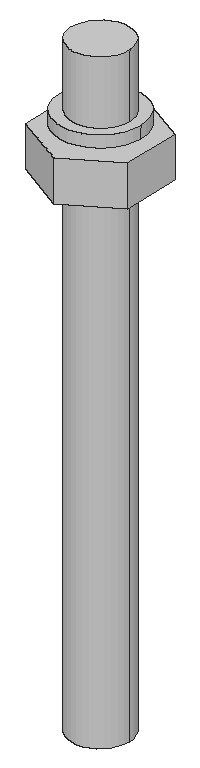
Revit family "QSS+_Анкер высокой нагрузки", category Обобщенные модели, Revit 2019
Family settings
  Может служить основой для арматурных стержней = Нет
  Размер круглого соединителя = Использовать диаметр
  Тип детали = Нормальный
  На основе рабочей плоскости = Нет
  Всегда вертикально = Нет
  При загрузке вырезать с полостями = Нет
  Общий = Да
  Точка расчета площади = Нет
Parameters (values of type "QSS+_M10")
  Поиск в таблице имен = "QSS_Анкер высокой нагрузки"
  Материал_Корпус = Металл
  d2 [instance] = 60 mm
  d [instance] = 56 mm
  L2 [instance] = L / 2  # 47.5 mm
  L [instance] = size_lookup(Поиск в таблице имен, "L", 30 mm, DN)  # 95 mm
  DN [instance] = 10 mm
  ADSK_Наименование [instance] = size_lookup(Поиск в таблице имен, "ADSK_Наименование", "Нет в каталоге", DN)  # "Анкер высокой нагрузки М10"
  ADSK_Масса_Текст [instance] = ""
  ADSK_Масса [instance] = 0
  ADSK_Марка = ""
  ADSK_Код изделия [instance] = size_lookup(Поиск в таблице имен, "ADSK_Код изделия", "Решение не найдено", DN)  # "QSS-BZ-162172"
  ADSK_Завод-изготовитель = "Agpipe"  # constant formula
  ADSK_Единица измерения = "шт."  # constant formula
Types (2, lengths in mm): name | L2 | L | DN | ADSK_Наименование | ADSK_Код изделия
  QSS+_M8 | 42.5 | 85 | 8 | "Анкер высокой нагрузки М8" | "QSS-BZ-162169"
  QSS+_M10 | 47.5 | 95 | 10 | "Анкер высокой нагрузки М10" | "QSS-BZ-162172"
Reference planes
  plane 1 "По центру (Вперед/Назад)": y = 0
  plane 2: z = 0
  plane 3 "По центру (Влево/Вправо)": x = 0
  plane 4: z = 95
Forms (mm)
  Extrusion 1, solid, material "Металл" <- "Материал_Корпус"
    sketch origin (0, 0, 0) x (1, 0, 0) y (0, 1, 0)
      loop
        circle (0, 0) r 5
    from 0 to 105.837
  Extrusion 2, solid, material "Металл" <- "Материал_Корпус"
    sketch origin (0, 0, 0) x (1, 0, 0) y (0, 1, 0)
      loop
        line (0, 10) -> (-8.66, 5) -> (-8.66, -5) -> (0, -10) -> (8.66, -5) -> (8.66, 5) -> (0, 10)
    from 85 to 92
  Extrusion 3, solid, material "Металл" <- "Материал_Корпус"
    sketch origin (0, 0, 0) x (1, 0, 0) y (0, 1, 0)
      loop
        circle (0, 0) r 7.005
    from 93 to 95
Dimensions and locks
  "L": plane 4 to level
  locked: Extrusion 2 to Extrusion 2 at 7
  locked: Extrusion 3 to Extrusion 3 at 2
  locked: Extrusion 1 to plane 4 at 10.837
  "DN": diameter of Extrusion 1 sketch curve
  aligned and locked: level to plane 2
  aligned and locked: plane 4 to Extrusion 3
Automatic sketch dimensions
  plane 1 "По центру (Вперед/Назад)" to Extrusion 3 sketch curve = 0 mm
  Extrusion 3 sketch curve to plane 3 "По центру (Влево/Вправо)" = 0 mm
  plane 1 "По центру (Вперед/Назад)" to Extrusion 1 sketch curve = 0 mm
  Extrusion 1 sketch curve to plane 3 "По центру (Влево/Вправо)" = 0 mm
  radius of Extrusion 3 sketch curve = 7.005 mm
